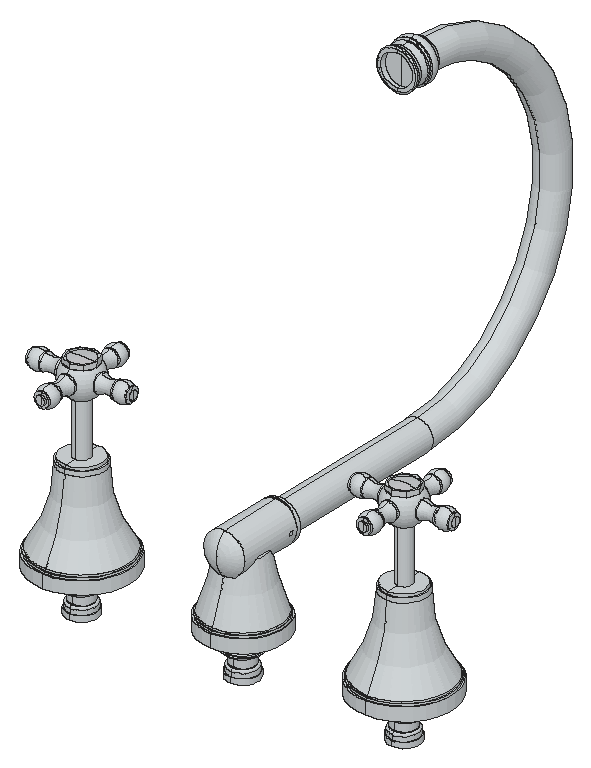
Revit family "Reece_Tap_Kado_Era_Wall Sink Set", category Plumbing Fixtures, host Face, Revit 2018
Family settings
  Host = Face
  Round Connector Dimension = Use Diameter
  Part Type = Normal
  Cut with Voids When Loaded = No
  Shared = Yes
  Room Calculation Point = Yes
Parameters (values of type "210 mm_Cross Handle_Brushed Nickel")
  WFU = 0  # constant formula
  URL = "https://www.reece.com.au/product/-9512059"
  Type Comments = "Tap"
  Reece_Tap_Reach = 210 mm  # constant formula
  Reece_Tap_Inlet = 12 mm  # constant formula
  Reece_Tap_Axis Distance [instance] = 200 mm
  Reece_Material_Colour = Reece_Plastic_White
  Reece_Handle_Type = Reece_Tap_Kado_Era_Wall Sink Set_Corss Handle_116 mm_Nested : Reece_Tap_Kado_Era_Wall Sink Set_Corss Handle_116 mm_Nested
  Reece_Tap_Clearance = 140 mm  # constant formula
  Reece_Product_Web Page = "https://www.reece.com.au/product/-9512059"
  Reece_Product_Type = "Tap"  # constant formula
  Reece_Product_Sub Brand = "Era"  # constant formula
  Reece_Product_Number = "9512059"
  Reece_Product_Mount = "Wall Mounted"
  Reece_Product_Description = "Kado Era Wall Sink Set Cross Handles Brushed Nickel (5 Star)"
  Reece_Product_Brand = "Kado"  # constant formula
  Reece_Overall_Height = 270 mm  # constant formula
  Reece_Material_Secondary = Reece_Brass_Brushed Nickel
  Reece_Material_Main = Reece_Brass_Brushed Nickel
  Reece_Detail_Installation = ""
  Reece_Detail_Disclaimer = "THIS FILE IS THE PROPERTY OF THE REECE GROUP. IT MAY NOT BE REPRODUCED, REVERSE-ENGINEERED OR MODIFIED. ANY REPUBLICATION, TRANSMISSION OR DISTRIBUTION FOR THE PURPOSE OF COMMERCIALLY EXPLOITING THE FILES IS PROHIBITED."  # constant formula
  Reece_Detail_Connector = ""
  Reece_Detail_Additional = ""
  Model = "Era"
  Manufacturer = "Kado"
  Keynote = "Product #9512059, Reece_Tap_Kado_Era_Wall Sink Set - 210 mm_Cross Handle_Brushed Nickel"
  HWFU = 0  # constant formula
  Disclaimer = "THIS FILE IS THE PROPERTY OF THE REECE GROUP. IT MAY NOT BE REPRODUCED, REVERSE-ENGINEERED OR MODIFIED. ANY REPUBLICATION, TRANSMISSION OR DISTRIBUTION FOR THE PURPOSE OF COMMERCIALLY EXPLOITING THE FILES IS PROHIBITED."  # constant formula
  Description = "Kado Era Wall Sink Set Cross Handles Brushed Nickel (5 Star)"
  Default Elevation = 1000 mm
  CWFU = 0  # constant formula
Types (9, lengths in mm): name | URL | Reece_Material_Colour | Reece_Handle_Type | Reece_Product_Web Page | Reece_Product_Number | Reece_Product_Description | Reece_Material_Secondary | Reece_Material_Main | Keynote | Description
  210 mm_Cross Handle_Brass Gold | "https://www.reece.com.au/product/-9507644" | Reece_Plastic_White | Reece_Tap_Kado_Era_Wall Sink Set_Corss Handle_116 mm_Nested : Reece_Tap_Kado_Era_Wall Sink Set_Corss Handle_116 mm_Nested | "https://www.reece.com.au/product/-9507644" | "9507644" | "Kado Era Wall Sink Set Cross Handles Brass Gold (5 Star)" | Reece_Brass_Gold | Reece_Brass_Gold | "Product #9507644, Reece_Tap_Kado_Era_Wall Sink Set - 210 mm_Cross Handle_Brass Gold" | "Kado Era Wall Sink Set Cross Handles Brass Gold (5 Star)"
  210 mm_Cross Handle_Chrome | "https://www.reece.com.au/product/-9507645" | Reece_Plastic_White | Reece_Tap_Kado_Era_Wall Sink Set_Corss Handle_116 mm_Nested : Reece_Tap_Kado_Era_Wall Sink Set_Corss Handle_116 mm_Nested | "https://www.reece.com.au/product/-9507645" | "9507645" | "Kado Era Wall Sink Set Cross Handles Chrome (5 Star)" | Reece_Brass_Chrome | Reece_Brass_Chrome | "Product #9507645, Reece_Tap_Kado_Era_Wall Sink Set - 210 mm_Cross Handle_Chrome" | "Kado Era Wall Sink Set Cross Handles Chrome (5 Star)"
  210 mm_Lever Handle_Brass Gold | "https://www.reece.com.au/product/-9507648" | Reece_Brass_Gold | Reece_Tap_Kado_Era_Wall Sink Set_Lever_Handle_116 mm_Nested : Reece_Tap_Kado_Era_Wall Sink Set_Lever_Handle_116 mm_Nested | "https://www.reece.com.au/product/-9507648" | "9507648" | "Kado Era Wall Sink Set Lever Handle Brass Gold (5 Star)" | Reece_Brass_Gold | Reece_Brass_Gold | "Product #9507648, Reece_Tap_Kado_Era_Wall Sink Set - 210 mm_Lever Handle_Brass Gold" | "Kado Era Wall Sink Set Lever Handle Brass Gold (5 Star)"
  210 mm_Lever Handle_Chrome | "https://www.reece.com.au/product/-9507649" | Reece_Brass_Chrome | Reece_Tap_Kado_Era_Wall Sink Set_Lever_Handle_116 mm_Nested : Reece_Tap_Kado_Era_Wall Sink Set_Lever_Handle_116 mm_Nested | "https://www.reece.com.au/product/-9507649" | "9507649" | "Kado Era Wall Sink Set Lever Handle Chrome (5 Star)" | Reece_Brass_Chrome | Reece_Brass_Chrome | "Product #9507649, Reece_Tap_Kado_Era_Wall Sink Set - 210 mm_Lever Handle_Chrome" | "Kado Era Wall Sink Set Lever Handle Chrome (5 Star)"
  210 mm_Lever Handle_Brass Gold_Porcelain | "https://www.reece.com.au/product/-9507650" | Reece_Brass_Gold | Reece_Tap_Kado_Era_Wall Sink Set_Porcelain_Lever_Handle_116 mm_Nested : Reece_Tap_Kado_Era_Wall Sink Set_Porcelain_Lever_Handle_116 mm_Nested | "https://www.reece.com.au/product/-9507650" | "9507650" | "Kado Era Wall Sink Set Lever Porcelain Handle Brass Gold (5 Star)" | Reece_Porcelain_White | Reece_Brass_Gold | "Product #9507650, Reece_Tap_Kado_Era_Wall Sink Set - 210 mm_Lever Handle_Brass Gold_Porcelain" | "Kado Era Wall Sink Set Porcelain Lever Handle Brass Gold (5 Star)"
  210 mm_Lever Handle_Chrome_Porcelain | "https://www.reece.com.au/product/-9507651" | Reece_Brass_Chrome | Reece_Tap_Kado_Era_Wall Sink Set_Porcelain_Lever_Handle_116 mm_Nested : Reece_Tap_Kado_Era_Wall Sink Set_Porcelain_Lever_Handle_116 mm_Nested | "https://www.reece.com.au/product/-9507651" | "9507651" | "Kado Era Wall Sink Set Lever Porcelain Handle Chrome (5 Star)" | Reece_Porcelain_White | Reece_Brass_Chrome | "Product #9507651, Reece_Tap_Kado_Era_Wall Sink Set - 210 mm_Lever Handle_Chrome_Porcelain" | "Kado Era Wall Sink Set Porcelain Lever Handle Chrome (5 Star)"
  210 mm_Cross Handle_Brushed Nickel | "https://www.reece.com.au/product/-9512059" | Reece_Plastic_White | Reece_Tap_Kado_Era_Wall Sink Set_Corss Handle_116 mm_Nested : Reece_Tap_Kado_Era_Wall Sink Set_Corss Handle_116 mm_Nested | "https://www.reece.com.au/product/-9512059" | "9512059" | "Kado Era Wall Sink Set Cross Handles Brushed Nickel (5 Star)" | Reece_Brass_Brushed Nickel | Reece_Brass_Brushed Nickel | "Product #9512059, Reece_Tap_Kado_Era_Wall Sink Set - 210 mm_Cross Handle_Brushed Nickel" | "Kado Era Wall Sink Set Cross Handles Brushed Nickel (5 Star)"
  210 mm_Lever Handle_Brushed Nickel | "https://www.reece.com.au/product/-9512060" | Reece_Brass_Brushed Nickel | Reece_Tap_Kado_Era_Wall Sink Set_Lever_Handle_116 mm_Nested : Reece_Tap_Kado_Era_Wall Sink Set_Lever_Handle_116 mm_Nested | "https://www.reece.com.au/product/-9512060" | "9512060" | "Kado Era Wall Sink Set Lever Handle Brushed Nickel (5 Star)" | Reece_Brass_Brushed Nickel | Reece_Brass_Brushed Nickel | "Product #9512060, Reece_Tap_Kado_Era_Wall Sink Set - 210 mm_Lever Handle_Brushed Nickel" | "Kado Era Wall Sink Set Lever Handle Brushed Nickel (5 Star)"
  210 mm_Lever Handle_Brushed Nickel_Porcelain | "https://www.reece.com.au/product/-9512061" | Reece_Brass_Brushed Nickel | Reece_Tap_Kado_Era_Wall Sink Set_Porcelain_Lever_Handle_116 mm_Nested : Reece_Tap_Kado_Era_Wall Sink Set_Porcelain_Lever_Handle_116 mm_Nested | "https://www.reece.com.au/product/-9512061" | "9512061" | "Kado Era Wall Sink Set Lever Porcelain Handle Brushed Nickel (5 Star)" | Reece_Porcelain_White | Reece_Brass_Brushed Nickel | "Product #9512061, Reece_Tap_Kado_Era_Wall Sink Set - 210 mm_Lever Handle_Brushed Nickel_Porcelain" | "Kado Era Wall Sink Set Lever Porcelain Handle Brushed Nickel (5 Star)"
Reference planes
  plane 1 "Center (Front/Back)": y = 0
  plane 2 "Bottom": z = 0
  plane 3 "Center (Left/Right)": x = 0
  plane 4 "Top": z = 218.011
  plane 5: y = 119.4
  plane 6: y = 249.4
  plane 7: y = -20.6
  plane 8: z = 72.967
  plane 9: z = 47.607
  plane 10: z = 257.607
  plane 11 "L": x = -100
  plane 12 "R": x = 100
Forms (mm)
  Revolve 1, solid, material "Reece_Brass_Brushed Nickel" <- "Reece_Material_Main"
    sketch origin (0, 0, 0) x (0, 1, 0) y (0, 0, 1)
      loop
        line (0, 0) -> (25, 0) -> (25, 8.1) -> (24, 8.1) -> (24, 9.2) -> (23.2, 9.2) -> (23.2, 10.2)
        arc (23.2, 10.2) -> (17.283, 27.396) -> (13.569, 45.199) r 144.693
        arc (13.569, 45.199) -> (13.234, 45.813) -> (12.579, 46.057) r 1
        line (12.579, 46.057) -> (0, 46.057) -> (0, 10.2) -> (0, 0)
      axis (0, 0) -> (0, 46.057)
    angle from 0 to 360
  Revolve 2, solid, material "Reece_Brass_Brushed Nickel" <- "Reece_Material_Main"
    sketch origin (0, 0, 0) x (0, 1, 0) y (0, 0, 1)
      loop
        line (30.4, 47.9) -> (30.4, 57.9) -> (28.3, 60.65) -> (26.4, 60.65) -> (26.4, 59.85) -> (25.6, 59.85) -> (25.6, 60.65) -> (-14.2, 60.65)
        arc (-14.2, 60.65) -> (-18.91, 55.033) -> (-20.6, 47.9) r 15.9
        line (-20.6, 47.9) -> (30.4, 47.9)
      axis (30.4, 47.9) -> (-20.6, 47.9)
    angle from 0 to 360
  Sweep 3, solid, material "Reece_Brass_Brushed Nickel" <- "Reece_Material_Main"
    path origin (0, 0, 0) x (0, 1, 0) y (0, 0, 1)
      loop
        line (30.4, 47.92) -> (135.4, 47.92)
        arc (135.4, 47.92) -> (240.4, 152.92) -> (135.4, 257.92) r 105
        line (135.4, 257.92) -> (134.4, 257.92)
    profile origin (0, 82.9, 47.92) x (0, 0, 1) y (1, 0, 0)
      loop
        circle (0, 0) r 9.5
  Revolve 4, solid, material "Reece_Brass_Brushed Nickel" <- "Reece_Material_Main"
    sketch origin (0, 4.85, -0.156) x (0, 1, 0) y (0, 0, 1)
      loop
        line (134.4, 257.92) -> (134.4, 267.84)
        arc (134.4, 267.84) -> (133.32, 268.647) -> (132, 268.92) r 3.1
        arc (132, 268.92) -> (129.28, 271.11) -> (125.8, 270.82) r 4.7
        line (125.8, 270.82) -> (125, 270.82)
        arc (125, 270.82) -> (124.434, 270.585) -> (124.2, 270.02) r 0.8
        line (124.2, 270.02) -> (123.4, 270.02) -> (118.75, 269.17)
        arc (118.75, 269.17) -> (117.818, 269.734) -> (116.75, 269.52) r 1.5
        arc (116.75, 269.52) -> (116.005, 270.171) -> (115.05, 270.43) r 2.2
        arc (115.05, 270.43) -> (114.696, 270.283) -> (114.55, 269.93) r 0.5
        line (114.55, 269.93) -> (114.55, 267.694) -> (117.376, 267.694) -> (117.376, 257.92) -> (134.4, 257.92)
      axis (134.4, 257.92) -> (114.55, 257.92)
    angle from 0 to 360
  Revolve 5, solid
    sketch origin (-100, 0, 0) x (0, 0, 1) y (0, -1, 0)
      loop
        line (-30.029, -1.39) -> (-26.29, -3.563) -> (-26.29, -9.502) -> (-23.045, -9.502) -> (-23.045, -8.702) -> (-20.282, -8.702)
        arc (-20.282, -8.702) -> (-19.442, -8.354) -> (-19.094, -7.514) r 1.188
        line (-19.094, -7.514) -> (-19.094, -6.714) -> (-18.529, -7.28) -> (-11.832, -7.28) -> (-11.832, -10.266) -> (-10.723, -11.374) -> (-10.216, -10.497) -> (-9.416, -10.497) -> (-9.005, -11.465) -> (-8.446, -10.497) -> (-7.646, -10.497) -> (-7.178, -11.458) -> (-6.623, -10.497) -> (-5.823, -10.497) -> (-5.349, -11.469) -> (-4.787, -10.497) -> (-3.987, -10.497) -> (-3.613, -11.473) -> (0, -11.473) -> (0, 0) -> (-30.029, 0) -> (-30.029, -1.39)
      axis (0, 0) -> (-30.029, 0)
    angle from 0 to 360
  Revolve 6, solid
    sketch origin (0, -128.901, 1219.2) x (0, -1, 0) y (0, 0, 1)
      loop
        line (-130.291, -1249.229) -> (-128.901, -1249.229) -> (-128.901, -1219.2) -> (-140.374, -1219.2) -> (-140.374, -1222.813) -> (-139.398, -1223.187) -> (-139.398, -1223.987) -> (-140.37, -1224.549) -> (-139.398, -1225.023) -> (-139.398, -1225.823) -> (-140.359, -1226.378) -> (-139.398, -1226.846) -> (-139.398, -1227.646) -> (-140.366, -1228.205) -> (-139.398, -1228.616) -> (-139.398, -1229.416) -> (-140.275, -1229.923) -> (-139.166, -1231.032) -> (-136.181, -1231.032) -> (-136.181, -1237.729) -> (-135.615, -1238.294) -> (-136.415, -1238.294)
        arc (-136.415, -1238.294) -> (-137.255, -1238.642) -> (-137.603, -1239.482) r 1.188
        line (-137.603, -1239.482) -> (-137.603, -1242.245) -> (-138.403, -1242.245) -> (-138.403, -1245.49) -> (-132.464, -1245.49) -> (-130.291, -1249.229)
      axis (-128.901, -1219.2) -> (-128.901, -1249.229)
    angle from 0 to 360
  Revolve 7, solid
    sketch origin (100, 0, 0) x (0, 0, 1) y (0, -1, 0)
      loop
        line (-30.029, -1.39) -> (-26.29, -3.563) -> (-26.29, -9.502) -> (-23.045, -9.502) -> (-23.045, -8.702) -> (-20.282, -8.702)
        arc (-20.282, -8.702) -> (-19.442, -8.354) -> (-19.094, -7.514) r 1.188
        line (-19.094, -7.514) -> (-19.094, -6.714) -> (-18.529, -7.28) -> (-11.832, -7.28) -> (-11.832, -10.266) -> (-10.723, -11.374) -> (-10.216, -10.497) -> (-9.416, -10.497) -> (-9.005, -11.465) -> (-8.446, -10.497) -> (-7.646, -10.497) -> (-7.178, -11.458) -> (-6.623, -10.497) -> (-5.823, -10.497) -> (-5.349, -11.469) -> (-4.787, -10.497) -> (-3.987, -10.497) -> (-3.613, -11.473) -> (0, -11.473) -> (0, 0) -> (-30.029, 0) -> (-30.029, -1.39)
      axis (0, 0) -> (-30.029, 0)
    angle from 0 to 360
  Revolve 8, void
    sketch origin (95.2, -4572, 47.607) x (-1, 0, 0) y (0, -1, 0)
      loop
        line (108.868, -4593.4) -> (107.324, -4593.4) -> (107.324, -4594.9) -> (108.868, -4594.9) -> (108.868, -4593.4)
      loop
        line (81.532, -4593.4) -> (81.532, -4594.9) -> (83.076, -4594.9) -> (83.076, -4593.4) -> (81.532, -4593.4)
      axis (81.532, -4593.4) -> (108.868, -4593.4)
    angle from 0 to 360
  Revolve 9, void
    sketch origin (-100, 0, 0) x (0, 0, 1) y (0, -1, 0)
      loop
        line (0, -20) -> (0, 0) -> (-30.029, 0) -> (-30.029, -20) -> (0, -20)
      axis (0, 0) -> (-30.029, 0)
    angle from 0 to 360
  Revolve 10, void
    sketch origin (100, 0, 0) x (0, 0, 1) y (0, -1, 0)
      loop
        line (-30.029, 0) -> (-30.029, -20) -> (0, -20) -> (0, 0) -> (-30.029, 0)
      axis (0, 0) -> (-30.029, 0)
    angle from 0 to 360
  Revolve 11, void
    sketch origin (0, 0, 0) x (1, 0, 0) y (0, 0, 1)
      loop
        line (0, 0) -> (0, -33.87) -> (20, -33.87) -> (20, 0) -> (0, 0)
      axis (0, 0) -> (0, -33.87)
    angle from 0 to 360
Cuts and joins
  Revolve 8 cuts Revolve 2
  joined: Revolve 1, Revolve 2
Text (mm)
  text "Reece Copyright © 2018, Reece Ltd." at (-377.233, -239.254, 0), in view "Ref. Level"
  text "Reece ©" at (44.384, 258.95, 192.345), in view "Reece Preview"
Dimensions and locks
  "Reece_Tap_Clearance": plane 5 to plane 7
  "Reece_Overall_Height": plane 6 to plane 7
  "Reece_Tap_Reach": plane 10 to plane 9
  equal spacing: plane 11 "L", plane 3 "Center (Left/Right)", plane 12 "R"
  "Reece_Tap_Axis Distance": plane 11 "L" to plane 12 "R"
  aligned and locked: plane 2 "Bottom" to host face
  aligned and locked: level to host face
Automatic sketch dimensions
  host sketch curve to host sketch curve = 380.785 mm
  host sketch curve to host sketch curve = 317.421 mm
  plane 10 to Sweep 3 sketch curve = 0.312 mm
  plane 5 to Sweep 3 sketch curve = 16 mm
  Sweep 3 sketch curve to Sweep 3 sketch curve = 105 mm
  Sweep 3 sketch curve to Sweep 3 sketch curve = 1 mm
  Sweep 3 sketch curve to plane 1 "Center (Front/Back)" = 30.4 mm
  Sweep 3 sketch curve to plane 3 "Center (Left/Right)" = 0 mm
  Sweep 3 sketch curve to profile plane = 0 mm
  plane 5 to Revolve 4 sketch curve = 0 mm
  plane 5 to Revolve 4 sketch curve = 0.417 mm
  Revolve 4 sketch curve to Revolve 4 sketch curve = 0.5 mm
  Revolve 4 sketch curve to Revolve 4 sketch curve = 2.409 mm
  Revolve 4 sketch curve to Revolve 4 sketch curve = 0.184 mm
  Revolve 4 sketch curve to Revolve 4 sketch curve = 1.19 mm
  Revolve 4 sketch curve to Revolve 4 sketch curve = 4.65 mm
  Revolve 4 sketch curve to Revolve 4 sketch curve = 0.8 mm  (x3)
  Revolve 4 sketch curve to Revolve 4 sketch curve = 2.903 mm
  Revolve 4 sketch curve to Revolve 4 sketch curve = 4.145 mm
  plane 10 to Revolve 4 sketch curve = 0.156 mm  (x2)
  Revolve 4 sketch curve to Revolve 4 sketch curve = 2.352 mm
  plane 10 to Revolve 4 sketch curve = 8.057 mm
  Revolve 4 sketch curve to Revolve 4 sketch curve = 0.796 mm
  Revolve 4 sketch curve to Revolve 4 sketch curve = 9.774 mm
  Revolve 4 sketch curve to Revolve 4 sketch curve = 2.02 mm
  Revolve 4 sketch curve to Revolve 4 sketch curve = 0.537 mm
  Revolve 4 sketch curve to Revolve 4 sketch curve = 0.563 mm
  Revolve 4 sketch curve to Revolve 4 sketch curve = 0.913 mm
  Revolve 4 sketch curve to Revolve 4 sketch curve = 1.698 mm
  Revolve 4 sketch curve to Revolve 4 sketch curve = 0.85 mm
  Revolve 4 sketch curve to plane 5 = 0.15 mm
  Revolve 4 sketch curve to Revolve 4 sketch curve = 0 mm
  Revolve 6 sketch curve to level = 0 mm
  Revolve 6 sketch curve to plane 1 "Center (Front/Back)" = 0 mm  (x2)
  Revolve 6 sketch curve to plane 1 "Center (Front/Back)" = 1.39 mm
  Revolve 6 sketch curve to plane 1 "Center (Front/Back)" = 3.563 mm
  Revolve 6 sketch curve to plane 1 "Center (Front/Back)" = 6.714 mm
  Revolve 6 sketch curve to plane 1 "Center (Front/Back)" = 7.28 mm
  Revolve 6 sketch curve to Revolve 6 sketch curve = 0.8 mm  (x6)
  Revolve 6 sketch curve to Revolve 6 sketch curve = 1.188 mm
  Revolve 6 sketch curve to Revolve 6 sketch curve = 2.986 mm
  Revolve 6 sketch curve to Revolve 6 sketch curve = 0.231 mm  (x2)
  Revolve 6 sketch curve to Revolve 6 sketch curve = 0 mm  (x2)
  Revolve 6 sketch curve to level = 3.987 mm
  Revolve 6 sketch curve to Revolve 6 sketch curve = 0.878 mm
  Revolve 6 sketch curve to Revolve 6 sketch curve = 0.961 mm
  Revolve 6 sketch curve to Revolve 6 sketch curve = 0.968 mm
  Revolve 6 sketch curve to level = 5.349 mm
  Revolve 6 sketch curve to Revolve 6 sketch curve = 0.972 mm
  Revolve 6 sketch curve to level = 3.612 mm
  Revolve 6 sketch curve to Revolve 6 sketch curve = 0.977 mm
  Revolve 6 sketch curve to Revolve 6 sketch curve = 0.474 mm
  Revolve 6 sketch curve to Revolve 6 sketch curve = 0.555 mm
  Revolve 6 sketch curve to Revolve 6 sketch curve = 1.023 mm
  Revolve 6 sketch curve to Revolve 6 sketch curve = 0.559 mm
  Revolve 6 sketch curve to Revolve 6 sketch curve = 0.97 mm
  Revolve 6 sketch curve to Revolve 6 sketch curve = 0.507 mm
  Revolve 6 sketch curve to Revolve 6 sketch curve = 1.615 mm
  Revolve 6 sketch curve to Revolve 6 sketch curve = 6.697 mm
  Revolve 6 sketch curve to Revolve 6 sketch curve = 0.566 mm
  Revolve 6 sketch curve to Revolve 6 sketch curve = 2.762 mm
  Revolve 6 sketch curve to Revolve 6 sketch curve = 3.246 mm
  Revolve 6 sketch curve to Revolve 6 sketch curve = 3.739 mm
  Revolve 6 sketch curve to Revolve 6 sketch curve = 7.488 mm
  Revolve 6 sketch curve to Revolve 6 sketch curve = 8.93 mm
  level to Revolve 1 sketch curve = 0 mm  (x2)
  Revolve 1 sketch curve to plane 1 "Center (Front/Back)" = 0 mm  (x2)
  Revolve 1 sketch curve to plane 9 = 2.55 mm
  Revolve 1 sketch curve to plane 1 "Center (Front/Back)" = 12.579 mm
  Revolve 1 sketch curve to Revolve 1 sketch curve = 0.8 mm
  Revolve 1 sketch curve to Revolve 1 sketch curve = 1 mm  (x2)
  Revolve 1 sketch curve to plane 8 = 7.182 mm
  Revolve 1 sketch curve to Revolve 1 sketch curve = 8.1 mm
  Revolve 1 sketch curve to Revolve 1 sketch curve = 1.1 mm
  Revolve 1 sketch curve to Revolve 1 sketch curve = 10.2 mm
  Revolve 1 sketch curve to plane 9 = 1.55 mm
  Revolve 1 sketch curve to Revolve 1 sketch curve = 0.99 mm
  Revolve 1 sketch curve to Revolve 1 sketch curve = 16.057 mm
  Revolve 1 sketch curve to Revolve 1 sketch curve = 0 mm
  Revolve 2 sketch curve to plane 7 = 0 mm
  plane 7 to Revolve 2 sketch curve = 6.4 mm
  plane 9 to Revolve 2 sketch curve = 0.293 mm  (x2)
  plane 1 "Center (Front/Back)" to Revolve 2 sketch curve = 4.7 mm
  Revolve 2 sketch curve to plane 1 "Center (Front/Back)" = 28.3 mm
  plane 9 to Revolve 2 sketch curve = 10.293 mm
  Revolve 2 sketch curve to Revolve 2 sketch curve = 2.1 mm
  Revolve 2 sketch curve to Revolve 2 sketch curve = 30.854 mm
  Revolve 2 sketch curve to Revolve 2 sketch curve = 2.7 mm
  Revolve 2 sketch curve to Revolve 2 sketch curve = 0.8 mm  (x3)
  Revolve 2 sketch curve to Revolve 2 sketch curve = 3.146 mm
  plane 3 "Center (Left/Right)" to Revolve 8 sketch curve = 13.668 mm
  Revolve 8 sketch curve to Revolve 8 sketch curve = 1.543 mm  (x2)
  Revolve 8 sketch curve to plane 3 "Center (Left/Right)" = 12.124 mm
  Revolve 8 sketch curve to plane 1 "Center (Front/Back)" = 22.9 mm  (x2)
  Revolve 8 sketch curve to Revolve 8 sketch curve = 1.5 mm  (x2)
  Revolve 8 sketch curve to Revolve 8 sketch curve = 0.575 mm
  Revolve 8 sketch curve to Revolve 8 sketch curve = 4.76 mm
  Revolve 8 sketch curve to Revolve 8 sketch curve = 0 mm
  Revolve 7 sketch curve to plane 1 "Center (Front/Back)" = 0 mm  (x2)
  Revolve 7 sketch curve to level = 0 mm
  level to Revolve 7 sketch curve = 3.612 mm
  Revolve 7 sketch curve to Revolve 7 sketch curve = 0.375 mm
  Revolve 7 sketch curve to Revolve 7 sketch curve = 0.8 mm  (x5)
  Revolve 7 sketch curve to Revolve 7 sketch curve = 0.561 mm
  Revolve 7 sketch curve to Revolve 7 sketch curve = 1.036 mm
  Revolve 7 sketch curve to Revolve 7 sketch curve = 0.555 mm
  Revolve 7 sketch curve to Revolve 7 sketch curve = 1.023 mm
  Revolve 7 sketch curve to Revolve 7 sketch curve = 0.559 mm
  Revolve 7 sketch curve to Revolve 7 sketch curve = 0.97 mm
  Revolve 7 sketch curve to Revolve 7 sketch curve = 0.507 mm
  Revolve 7 sketch curve to Revolve 7 sketch curve = 1.615 mm
  plane 1 "Center (Front/Back)" to Revolve 7 sketch curve = 7.28 mm
  Revolve 7 sketch curve to Revolve 7 sketch curve = 6.697 mm
  Revolve 7 sketch curve to Revolve 7 sketch curve = 0.566 mm  (x2)
  Revolve 7 sketch curve to Revolve 7 sketch curve = 1.188 mm
  Revolve 7 sketch curve to Revolve 7 sketch curve = 2.762 mm
  Revolve 7 sketch curve to Revolve 7 sketch curve = 3.246 mm
  Revolve 7 sketch curve to Revolve 7 sketch curve = 3.739 mm
  Revolve 7 sketch curve to Revolve 7 sketch curve = 0.234 mm
  Revolve 7 sketch curve to Revolve 7 sketch curve = 2.986 mm
  Revolve 7 sketch curve to Revolve 7 sketch curve = 0.231 mm  (x2)
  Revolve 7 sketch curve to Revolve 7 sketch curve = 0 mm  (x2)
  Revolve 7 sketch curve to Revolve 7 sketch curve = 0.878 mm
  Revolve 7 sketch curve to Revolve 7 sketch curve = 0.961 mm
  Revolve 7 sketch curve to Revolve 7 sketch curve = 0.968 mm
  Revolve 7 sketch curve to Revolve 7 sketch curve = 0.972 mm
  Revolve 7 sketch curve to Revolve 7 sketch curve = 0.977 mm
  plane 1 "Center (Front/Back)" to Revolve 7 sketch curve = 3.563 mm
  plane 1 "Center (Front/Back)" to Revolve 7 sketch curve = 1.39 mm
  Revolve 7 sketch curve to Revolve 7 sketch curve = 7.488 mm
  Revolve 7 sketch curve to Revolve 7 sketch curve = 8.93 mm
  Revolve 5 sketch curve to plane 1 "Center (Front/Back)" = 0 mm  (x2)
  level to Revolve 5 sketch curve = 0 mm
  Revolve 5 sketch curve to level = 3.612 mm
  Revolve 5 sketch curve to Revolve 5 sketch curve = 0.375 mm
  Revolve 5 sketch curve to Revolve 5 sketch curve = 0.8 mm  (x5)
  Revolve 5 sketch curve to Revolve 5 sketch curve = 0.561 mm
  Revolve 5 sketch curve to Revolve 5 sketch curve = 1.036 mm
  Revolve 5 sketch curve to Revolve 5 sketch curve = 0.555 mm
  Revolve 5 sketch curve to Revolve 5 sketch curve = 1.023 mm
  Revolve 5 sketch curve to Revolve 5 sketch curve = 0.559 mm
  Revolve 5 sketch curve to Revolve 5 sketch curve = 0.97 mm
  Revolve 5 sketch curve to Revolve 5 sketch curve = 0.507 mm
  Revolve 5 sketch curve to Revolve 5 sketch curve = 1.615 mm
  Revolve 5 sketch curve to plane 1 "Center (Front/Back)" = 7.28 mm
  Revolve 5 sketch curve to Revolve 5 sketch curve = 6.697 mm
  Revolve 5 sketch curve to Revolve 5 sketch curve = 0.566 mm  (x2)
  Revolve 5 sketch curve to Revolve 5 sketch curve = 1.188 mm
  Revolve 5 sketch curve to Revolve 5 sketch curve = 2.762 mm
  Revolve 5 sketch curve to Revolve 5 sketch curve = 3.246 mm
  Revolve 5 sketch curve to Revolve 5 sketch curve = 3.739 mm
  Revolve 5 sketch curve to Revolve 5 sketch curve = 0.234 mm
  Revolve 5 sketch curve to Revolve 5 sketch curve = 2.986 mm
  Revolve 5 sketch curve to Revolve 5 sketch curve = 0.231 mm  (x2)
  Revolve 5 sketch curve to Revolve 5 sketch curve = 0 mm  (x2)
  Revolve 5 sketch curve to Revolve 5 sketch curve = 0.878 mm
  Revolve 5 sketch curve to Revolve 5 sketch curve = 0.961 mm
  Revolve 5 sketch curve to Revolve 5 sketch curve = 0.968 mm
  Revolve 5 sketch curve to Revolve 5 sketch curve = 0.972 mm
  Revolve 5 sketch curve to Revolve 5 sketch curve = 0.977 mm
  Revolve 5 sketch curve to plane 1 "Center (Front/Back)" = 3.563 mm
  Revolve 5 sketch curve to plane 1 "Center (Front/Back)" = 1.39 mm
  Revolve 5 sketch curve to Revolve 5 sketch curve = 7.488 mm
  Revolve 5 sketch curve to Revolve 5 sketch curve = 8.93 mm
  Revolve 9 sketch curve to plane 1 "Center (Front/Back)" = 0 mm  (x2)
  level to Revolve 9 sketch curve = 0 mm
  Revolve 9 sketch curve to level = 30.029 mm
  Revolve 9 sketch curve to plane 1 "Center (Front/Back)" = 20 mm
  Revolve 9 sketch curve to Revolve 9 sketch curve = 7.488 mm
  Revolve 9 sketch curve to Revolve 9 sketch curve = 8.93 mm
  Revolve 10 sketch curve to plane 1 "Center (Front/Back)" = 0 mm  (x2)
  level to Revolve 10 sketch curve = 30.029 mm
  level to Revolve 10 sketch curve = 0 mm
  Revolve 10 sketch curve to Revolve 10 sketch curve = 7.488 mm
  Revolve 10 sketch curve to Revolve 10 sketch curve = 8.93 mm
  plane 1 "Center (Front/Back)" to Revolve 10 sketch curve = 20 mm
  Revolve 11 sketch curve to plane 3 "Center (Left/Right)" = 0 mm  (x2)
  Revolve 11 sketch curve to level = 0 mm
  plane 3 "Center (Left/Right)" to Revolve 11 sketch curve = 20 mm
  Revolve 11 sketch curve to level = 33.87 mm
  Revolve 11 sketch curve to Revolve 11 sketch curve = 16.93 mm
  Revolve 11 sketch curve to Revolve 11 sketch curve = 19.2 mm
  radius of Sweep 3 sketch curve = 9.5 mm
Nested families
  nested 1: "Reece_Tap_Kado_Era_Wall Sink Set_Corss Handle_116 mm_Nested" at (-100, 0, 0), type <- "Reece_Handle_Type", Reece_Material_Main <- "Reece_Material_Main", Reece_Material_Secondary <- "Reece_Material_Secondary", Reece_Material_Colour <- "Reece_Material_Colour", type "Reece_Tap_Kado_Era_Wall Sink Set_Corss Handle_116 mm_Nested"
    with Reece_Material_Secondary Reece_Brass_Brushed Nickel, Reece_Material_Main Reece_Brass_Brushed Nickel, Reece_Material_Colour Reece_Plastic_White
  nested 2: "Reece_Tap_Kado_Era_Wall Sink Set_Corss Handle_116 mm_Nested" at (100, 0, 0) x (-1, 0, 0) z (0, 0, 1), type <- "Reece_Handle_Type", Reece_Material_Main <- "Reece_Material_Main", Reece_Material_Secondary <- "Reece_Material_Secondary", Reece_Material_Colour <- "Reece_Material_Colour", type "Reece_Tap_Kado_Era_Wall Sink Set_Corss Handle_116 mm_Nested"
    with Reece_Material_Secondary Reece_Brass_Brushed Nickel, Reece_Material_Main Reece_Brass_Brushed Nickel, Reece_Material_Colour Reece_Plastic_White
Connectors
  piping at (0.392, 1.29, 0), diameter 12, driven by "Reece_Tap_Inlet"
    settings: on host face, index 1, connector inside diameter 609.6 mm, connector length 0 mm, flow factor 0, pipe flow 0.0 L/s, pressure drop 0.0 Pa, fitting loss kfactor 0, connector angle 0.00°, fixture units 0, engagement length 0 mm, angle of deflection 0.00°, flow configuration 0, flow direction 1, fitting loss method 0, system type 29, joint type 0, gender type 0, connector reference index -1, connector utility 0, adjustable connector no, is connector primary yes, connector description ""
  piping at (-100, 0, 0), diameter 12, driven by "Reece_Tap_Inlet"
    settings: on Revolve 5, index 2, connector inside diameter 609.6 mm, connector length 0 mm, flow factor 0, pipe flow 0.0 L/s, pressure drop 0.0 Pa, fitting loss kfactor 0, connector angle 0.00°, fixture units 0, engagement length 0 mm, angle of deflection 0.00°, flow configuration 0, flow direction 1, fitting loss method 0, system type 29, joint type 0, gender type 0, connector reference index -1, connector utility 0, adjustable connector no, is connector primary no, connector description ""
  piping at (100, 0, 0), diameter 12, driven by "Reece_Tap_Inlet"
    settings: on Revolve 7, index 3, connector inside diameter 609.6 mm, connector length 0 mm, flow factor 0, pipe flow 0.0 L/s, pressure drop 0.0 Pa, fitting loss kfactor 0, connector angle 0.00°, fixture units 0, engagement length 0 mm, angle of deflection 0.00°, flow configuration 0, flow direction 1, fitting loss method 0, system type 29, joint type 0, gender type 0, connector reference index -1, connector utility 0, adjustable connector no, is connector primary no, connector description ""
Definition of nested family "Reece_Tap_Kado_Era_Wall Sink Set_Corss Handle_116 mm_Nested"
  Parameters (values of type "Brushed Stainless Steel")
    Waste Connection = no
    WFU = 0
    Vent Connection = no
    URL = ""
    Type Comments = ""
    Reece_Material_Secondary [instance] = none
    Reece_Material_Main [instance] = none
    Reece_Material_Colour [instance] = none
    Model = ""
    Manufacturer = ""
    Keynote = ""
    HWFU = 0
    HW Connection = no
    Description = ""
    Default Elevation = 0 mm
    Cost = 0
    CWFU = 0
    CW Connection = no
    Assembly Code = ""
  Reference planes
    plane 1 "Center (Front/Back)": y = 0
    plane 2 "Bottom": z = 0
    plane 3 "Center (Left/Right)": x = 0
    plane 4: z = 10
    plane 5: z = 116
  Forms (mm)
    Extrusion 1, solid
      sketch origin (619.2, -619.2, 0) x (1, 0, 0) y (0, 1, 0)
        loop
          line (-809.2, 779.2) -> (-809.2, 461.779) -> (-428.415, 461.779) -> (-428.415, 779.2) -> (-809.2, 779.2)
      from 0 to -9.564
    Revolve 2, solid, material <- "Reece_Material_Main"
      sketch origin (0, 0.09, 0) x (0, 1, 0) y (0, 0, 1)
        loop
          line (-0.09, 0) -> (29.9, 0) -> (29.9, 8.1) -> (28.9, 8.1) -> (28.9, 9.2) -> (28.1, 9.2) -> (28.1, 10.2)
          arc (28.1, 10.2) -> (17.132, 32.269) -> (13.358, 56.622) r 80.463
          line (13.358, 56.622) -> (13.358, 59.45) -> (12.358, 59.45) -> (12.358, 61) -> (-0.09, 61) -> (-0.09, 23.593) -> (-0.09, 0)
        axis (-0.09, 0) -> (-0.09, 61)
      angle from 0 to 360
    Revolve 3, solid, material <- "Reece_Material_Main"
      sketch origin (0, 0.09, 0) x (0, 1, 0) y (0, 0, 1)
        loop
          line (0, 61) -> (4.8, 61) -> (4.8, 104.95) -> (0, 104.95) -> (0, 61)
        axis (0, 61) -> (0, 104.95)
      angle from 0 to 360
    Revolve 4, solid, material <- "Reece_Material_Main"
      sketch origin (0, 0.09, 13.543) x (0, 1, 0) y (0, 0, 1)
        loop
          line (0, 81.407) -> (7, 81.407)
          arc (7, 81.407) -> (12.358, 89.901) -> (9.6, 99.557) r 12.3
          line (9.6, 99.557) -> (0, 99.557) -> (0, 81.407)
        axis (0, 99.557) -> (0, 81.407)
      angle from 0 to 360
    Revolve 5, solid, material <- "Reece_Material_Secondary"
      sketch origin (0, -101.25, 13.543) x (0, -1, 0) y (0, 0, 1)
        loop
          line (-112.449, 91.856) -> (-112.449, 97.356) -> (-113.449, 97.356)
          arc (-113.449, 97.356) -> (-118.245, 95.855) -> (-123.149, 96.956) r 9.7
          line (-123.149, 96.956) -> (-124.149, 96.956)
          arc (-124.149, 96.956) -> (-127.895, 97.826) -> (-131.449, 96.356) r 6.3
          line (-131.449, 96.356) -> (-132.449, 96.356) -> (-132.449, 94.556) -> (-133.249, 94.556) -> (-133.249, 91.856) -> (-132.449, 91.856) -> (-124.149, 91.856) -> (-112.449, 91.856)
        axis (-133.249, 91.856) -> (-112.449, 91.856)
      angle from 0 to 360
    Revolve 6, solid, material <- "Reece_Material_Secondary"
      sketch origin (0, 101.25, 13.543) x (0, 1, 0) y (0, 0, -1)
        loop
          line (-112.449, -91.856) -> (-124.149, -91.856) -> (-132.449, -91.856) -> (-133.249, -91.856) -> (-133.249, -94.556) -> (-132.449, -94.556) -> (-132.449, -96.356) -> (-131.449, -96.356)
          arc (-131.449, -96.356) -> (-127.895, -97.826) -> (-124.149, -96.956) r 6.3
          line (-124.149, -96.956) -> (-123.149, -96.956)
          arc (-123.149, -96.956) -> (-118.245, -95.855) -> (-113.449, -97.356) r 9.7
          line (-113.449, -97.356) -> (-112.449, -97.356) -> (-112.449, -91.856)
        axis (-133.249, -91.856) -> (-112.449, -91.856)
      angle from 0 to 360
    Extrusion 7, solid, material <- "Reece_Material_Main"
      sketch origin (100, 0.09, 13.543) x (1, 0, 0) y (0, 1, 0)
        loop
          line (-100, 9.569) -> (-106.758, 6.769) -> (-109.558, 0.011) -> (-106.758, -6.747) -> (-100, -9.547) -> (-93.242, -6.747) -> (-90.442, 0.011) -> (-93.242, 6.769) -> (-100, 9.569)
        loop
          circle (-100, -0.09) r 8
      from 99.557 to 102.457
    Revolve 8, solid, material <- "Reece_Material_Secondary"
      sketch origin (101.25, 0, 13.543) x (1, 0, 0) y (0, 0, 1)
        loop
          line (-112.449, 91.856) -> (-112.449, 97.356) -> (-113.449, 97.356)
          arc (-113.449, 97.356) -> (-118.245, 95.855) -> (-123.149, 96.956) r 9.7
          line (-123.149, 96.956) -> (-124.149, 96.956)
          arc (-124.149, 96.956) -> (-127.895, 97.826) -> (-131.449, 96.356) r 6.3
          line (-131.449, 96.356) -> (-132.449, 96.356) -> (-132.449, 94.556) -> (-133.249, 94.556) -> (-133.249, 91.856) -> (-132.449, 91.856) -> (-124.149, 91.856) -> (-112.449, 91.856)
        axis (-133.249, 91.856) -> (-112.449, 91.856)
      angle from 0 to 360
    Revolve 9, solid, material <- "Reece_Material_Secondary"
      sketch origin (-101.25, 0, 13.543) x (-1, 0, 0) y (0, 0, -1)
        loop
          line (-112.449, -91.856) -> (-124.149, -91.856) -> (-132.449, -91.856) -> (-133.249, -91.856) -> (-133.249, -94.556) -> (-132.449, -94.556) -> (-132.449, -96.356) -> (-131.449, -96.356)
          arc (-131.449, -96.356) -> (-127.895, -97.826) -> (-124.149, -96.956) r 6.3
          line (-124.149, -96.956) -> (-123.149, -96.956)
          arc (-123.149, -96.956) -> (-118.245, -95.855) -> (-113.449, -97.356) r 9.7
          line (-113.449, -97.356) -> (-112.449, -97.356) -> (-112.449, -91.856)
        axis (-133.249, -91.856) -> (-112.449, -91.856)
      angle from 0 to 360
    Revolve 10, solid, material <- "Reece_Material_Colour"
      sketch origin (0, 0, 0) x (1, 0, 0) y (0, 0, 1)
        loop
          arc (0, 116.312) -> (-4.015, 116.137) -> (-8, 115.612) r 46.064
          line (-8, 115.612) -> (-8, 114.812) -> (0, 114.812) -> (0, 116.312)
        axis (0, 114.812) -> (0, 116.312)
      angle from 0 to 360
  Cuts and joins
    joined: Revolve 5, Revolve 6, Revolve 8, Revolve 9
  Text (mm)
    text "Reece Copyright © 2018, Reece Ltd." at (-182.519, -196.974, 0), in view "Ref. Level"
    text "Reece ©" at (44.384, 258.95, 192.345), in view "Reece Preview"
  Dimensions and locks
    plane 2 "Bottom" to plane 4 = 10 mm
    aligned and locked: plane 2 "Bottom" to Extrusion 1
    aligned and locked: level to Extrusion 1
